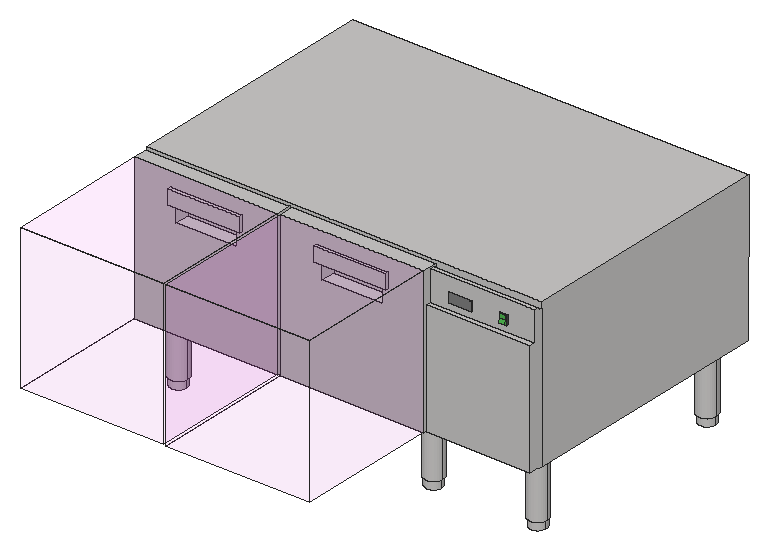
Revit family "QF_ELECTROLUXPROFESSIONAL_391602_E9TTAECOMIN", category Specialty Equipment, Revit 2023 (continued)
Lines and regions (mm)
  Split face 156
    outline origin (721.397, -448, 504.794) x (0, 0, -1) y (1, 0, 0)
      loop
        arc (52.48, -282.599) -> (56.5, -278.61) -> (52.5, -274.599) r 4
        line (52.5, -274.599) -> (20.5, -274.599)
        arc (20.5, -274.599) -> (16.5, -278.61) -> (20.521, -282.599) r 4
        line (20.521, -282.599) -> (52.48, -282.599)
  Split face 157
    outline origin (733.396, -448, 504.794) x (0, 0, -1) y (1, 0, 0)
      loop
        arc (52.48, -282.599) -> (56.5, -278.61) -> (52.5, -274.599) r 4
        line (52.5, -274.599) -> (20.5, -274.599)
        arc (20.5, -274.599) -> (16.5, -278.61) -> (20.521, -282.599) r 4
        line (20.521, -282.599) -> (52.48, -282.599)
  Split face 158
    outline origin (709.396, -448, 459.794) x (0, 0, -1) y (1, 0, 0)
      loop
        arc (52.48, -282.599) -> (56.5, -278.61) -> (52.5, -274.599) r 4
        line (52.5, -274.599) -> (20.5, -274.599)
        arc (20.5, -274.599) -> (16.5, -278.61) -> (20.521, -282.599) r 4
        line (20.521, -282.599) -> (52.48, -282.599)
  Split face 159
    outline origin (721.397, -448, 459.794) x (0, 0, -1) y (1, 0, 0)
      loop
        arc (52.48, -282.599) -> (56.5, -278.61) -> (52.5, -274.599) r 4
        line (52.5, -274.599) -> (20.5, -274.599)
        arc (20.5, -274.599) -> (16.5, -278.61) -> (20.521, -282.599) r 4
        line (20.521, -282.599) -> (52.48, -282.599)
  Split face 160
    outline origin (733.396, -448, 459.794) x (0, 0, -1) y (1, 0, 0)
      loop
        arc (52.48, -282.599) -> (56.5, -278.61) -> (52.5, -274.599) r 4
        line (52.5, -274.599) -> (20.5, -274.599)
        arc (20.5, -274.599) -> (16.5, -278.61) -> (20.521, -282.599) r 4
        line (20.521, -282.599) -> (52.48, -282.599)
  Split face 161
    outline origin (709.396, -448, 414.794) x (0, 0, -1) y (1, 0, 0)
      loop
        arc (52.48, -282.599) -> (56.5, -278.61) -> (52.5, -274.599) r 4
        line (52.5, -274.599) -> (20.5, -274.599)
        arc (20.5, -274.599) -> (16.5, -278.61) -> (20.521, -282.599) r 4
        line (20.521, -282.599) -> (52.48, -282.599)
  Split face 162
    outline origin (721.397, -448, 414.794) x (0, 0, -1) y (1, 0, 0)
      loop
        arc (52.48, -282.599) -> (56.5, -278.61) -> (52.5, -274.599) r 4
        line (52.5, -274.599) -> (20.5, -274.599)
        arc (20.5, -274.599) -> (16.5, -278.61) -> (20.521, -282.599) r 4
        line (20.521, -282.599) -> (52.48, -282.599)
  Split face 163
    outline origin (733.396, -448, 414.794) x (0, 0, -1) y (1, 0, 0)
      loop
        arc (52.48, -282.599) -> (56.5, -278.61) -> (52.5, -274.599) r 4
        line (52.5, -274.599) -> (20.5, -274.599)
        arc (20.5, -274.599) -> (16.5, -278.61) -> (20.521, -282.599) r 4
        line (20.521, -282.599) -> (52.48, -282.599)
  Split face 164
    outline origin (709.396, -448, 369.794) x (0, 0, -1) y (1, 0, 0)
      loop
        arc (52.48, -282.599) -> (56.5, -278.61) -> (52.5, -274.599) r 4
        line (52.5, -274.599) -> (20.5, -274.599)
        arc (20.5, -274.599) -> (16.5, -278.61) -> (20.521, -282.599) r 4
        line (20.521, -282.599) -> (52.48, -282.599)
  Split face 165
    outline origin (721.397, -448, 369.794) x (0, 0, -1) y (1, 0, 0)
      loop
        arc (52.48, -282.599) -> (56.5, -278.61) -> (52.5, -274.599) r 4
        line (52.5, -274.599) -> (20.5, -274.599)
        arc (20.5, -274.599) -> (16.5, -278.61) -> (20.521, -282.599) r 4
        line (20.521, -282.599) -> (52.48, -282.599)
  Split face 166
    outline origin (733.396, -448, 369.794) x (0, 0, -1) y (1, 0, 0)
      loop
        arc (52.48, -282.599) -> (56.5, -278.61) -> (52.5, -274.599) r 4
        line (52.5, -274.599) -> (20.5, -274.599)
        arc (20.5, -274.599) -> (16.5, -278.61) -> (20.521, -282.599) r 4
        line (20.521, -282.599) -> (52.48, -282.599)
  Split face 167
    outline origin (709.396, -448, 324.794) x (0, 0, -1) y (1, 0, 0)
      loop
        arc (52.48, -282.599) -> (56.5, -278.61) -> (52.5, -274.599) r 4
        line (52.5, -274.599) -> (20.5, -274.599)
        arc (20.5, -274.599) -> (16.5, -278.61) -> (20.521, -282.599) r 4
        line (20.521, -282.599) -> (52.48, -282.599)
  Split face 168
    outline origin (721.397, -448, 324.794) x (0, 0, -1) y (1, 0, 0)
      loop
        arc (52.48, -282.599) -> (56.5, -278.61) -> (52.5, -274.599) r 4
        line (52.5, -274.599) -> (20.5, -274.599)
        arc (20.5, -274.599) -> (16.5, -278.61) -> (20.521, -282.599) r 4
        line (20.521, -282.599) -> (52.48, -282.599)
  Split face 169
    outline origin (733.396, -448, 324.794) x (0, 0, -1) y (1, 0, 0)
      loop
        arc (52.48, -282.599) -> (56.5, -278.61) -> (52.5, -274.599) r 4
        line (52.5, -274.599) -> (20.5, -274.599)
        arc (20.5, -274.599) -> (16.5, -278.61) -> (20.521, -282.599) r 4
        line (20.521, -282.599) -> (52.48, -282.599)
  Split face 170
    outline origin (709.396, -448, 279.794) x (0, 0, -1) y (1, 0, 0)
      loop
        arc (52.48, -282.599) -> (56.5, -278.61) -> (52.5, -274.599) r 4
        line (52.5, -274.599) -> (20.5, -274.599)
        arc (20.5, -274.599) -> (16.5, -278.61) -> (20.521, -282.599) r 4
        line (20.521, -282.599) -> (52.48, -282.599)
  Split face 171
    outline origin (721.397, -448, 279.794) x (0, 0, -1) y (1, 0, 0)
      loop
        arc (52.48, -282.599) -> (56.5, -278.61) -> (52.5, -274.599) r 4
        line (52.5, -274.599) -> (20.5, -274.599)
        arc (20.5, -274.599) -> (16.5, -278.61) -> (20.521, -282.599) r 4
        line (20.521, -282.599) -> (52.48, -282.599)
  Split face 172
    outline origin (733.396, -448, 279.794) x (0, 0, -1) y (1, 0, 0)
      loop
        arc (52.48, -282.599) -> (56.5, -278.61) -> (52.5, -274.599) r 4
        line (52.5, -274.599) -> (20.5, -274.599)
        arc (20.5, -274.599) -> (16.5, -278.61) -> (20.521, -282.599) r 4
        line (20.521, -282.599) -> (52.48, -282.599)
  symbolic lines, style "SpecialityEquipmentHiddenLines"
    curve 1: line (-599, 380, 0) -> (599, 380, 0)
    curve 2: line (-599, -448, 0) -> (-599, 380, 0)
    curve 3: line (599, -448, 0) -> (-599, -448, 0)
    curve 4: line (599, 380, 0) -> (599, -448, 0)
    curve 17: line (-599, -403, 0) -> (599, -403, 0)
  symbolic lines, style "QF_Door-Drawer Clearances"
    curve 5: line (-579, -448, 0) -> (-579, -573, 0)
    curve 6: line (-184.999, -573, 0) -> (-184.999, -448, 0)
    curve 7: line (-136.499, -448, 0) -> (-136.499, -573, 0)
    curve 8: line (257.502, -573, 0) -> (257.502, -448, 0)
    curve 9: line (-599, -573, 0) -> (-164.999, -573, 0)
    curve 10: line (-156.499, -573, 0) -> (277.502, -573, 0)
    curve 11: line (-599, -613, 0) -> (-164.999, -613, 0)
    curve 12: line (-156.499, -613, 0) -> (277.502, -613, 0)
    curve 13: line (-164.999, -613, 0) -> (-164.999, -573, 0)
    curve 14: line (-156.499, -573, 0) -> (-156.499, -613, 0)
    curve 15: line (-599, -573, 0) -> (-599, -613, 0)
    curve 16: line (277.502, -613, 0) -> (277.502, -573, 0)
Dimensions and locks
  plane 4 to level = 200 mm
  plane 5 "TOP" to level = 650 mm
  plane 5 "TOP" to plane 4 = 450 mm
  equal spacing: plane 8 "LEFT", plane 3 "Centro (Sinistra/Destra)", plane 9 "RIGHT"
  plane 8 "LEFT" to plane 9 "RIGHT" = 1200 mm
  equal spacing: plane 6 "BACK", plane 1 "Center X", plane 7 "FRONT"
  plane 6 "BACK" to plane 7 "FRONT" = 900 mm
  plane 6 "BACK" to plane 10 = 853 mm
  locked: plane 10 to plane 11 at 45
  locked: plane 8 "LEFT" to plane 12 at 55
  locked: plane 13 to plane 9 "RIGHT" at 55
  locked: plane 12 to plane 14 at 774
  locked: plane 22 to plane 15 at 88
  locked: plane 16 to plane 11 at 98
  locked: plane 19 to plane 9 "RIGHT" at 1
  locked: plane 8 "LEFT" to plane 18 at 1
  plane 19 to plane 17 = 313 mm
  locked: plane 6 "BACK" to plane 20 at 160
  plane 21 to plane 9 "RIGHT" = 40 mm
  locked: plane 6 "BACK" to plane 22 at 70
  locked: plane 11 to plane 7 "FRONT" at 2
  plane 15 to plane 22 = 88 mm
  plane 11 to plane 16 = 98 mm
  plane 12 to plane 8 "LEFT" = 55 mm
  plane 14 to plane 12 = 774 mm
  aligned and locked: level to plane 2
  aligned and locked: plane 12 to nested 1
  aligned and locked: nested 1 to plane 16
  aligned and locked: nested 2 to plane 15
  aligned and locked: plane 14 to nested 3
  aligned and locked: nested 4 to plane 14
  aligned and locked: plane 13 to nested 5
  aligned and locked: nested 6 to plane 13
  aligned and locked: plane 10 to Extrusion 1 sketch curve
  aligned and locked: Extrusion 2 to plane 11
  aligned and locked: Extrusion 10 to plane 11
  aligned and locked: plane 4 to Extrusion 12
  aligned and locked: plane 22 to Extrusion 1
  aligned and locked: plane 15 to nested 6
  aligned and locked: plane 15 to nested 4
  aligned and locked: plane 16 to nested 5
  aligned and locked: plane 16 to nested 3
Automatic sketch dimensions
  Extrusion 2 sketch curve to plane 18 = 0 mm
  plane 12 to Extrusion 2 sketch curve = 69.7 mm
  Extrusion 2 sketch curve to Extrusion 2 sketch curve = 186.601 mm
  Extrusion 2 sketch curve to plane 5 "TOP" = 9.006 mm
  Extrusion 2 sketch curve to Extrusion 2 sketch curve = 123.7 mm
  Extrusion 2 sketch curve to plane 5 "TOP" = 65 mm
  Extrusion 2 sketch curve to Extrusion 2 sketch curve = 78.294 mm
  plane 4 to Extrusion 2 sketch curve = 1.587 mm
  Extrusion 2 to Extrusion 3 sketch curve = 0 mm
  Extrusion 3 sketch curve to Extrusion 2 = 0 mm  (x3)
  Extrusion 4 sketch curve to plane 4 = 0 mm
  Extrusion 4 sketch curve to plane 10 = 0 mm
  Extrusion 4 sketch curve to plane 10 = 5.442 mm
  plane 4 to Extrusion 4 sketch curve = 4.796 mm
  Extrusion 4 sketch curve to Extrusion 4 sketch curve = 9.721 mm
  Extrusion 4 sketch curve to plane 10 = 16.763 mm
  Extrusion 4 sketch curve to Extrusion 4 sketch curve = 11.336 mm
  plane 11 to Extrusion 4 sketch curve = 0 mm
  Extrusion 4 sketch curve to plane 5 "TOP" = 100.204 mm
  Extrusion 4 sketch curve to plane 5 "TOP" = 20.473 mm
  Extrusion 4 sketch curve to plane 5 "TOP" = 9.006 mm
  Extrusion 4 to Extrusion 5 sketch curve = 42.198 mm
  Extrusion 5 sketch curve to Extrusion 4 = 20 mm
  Extrusion 4 to Extrusion 5 sketch curve = 102.899 mm
  Extrusion 5 sketch curve to Extrusion 5 sketch curve = 22 mm
  Extrusion 4 to Extrusion 6 sketch curve = 42.198 mm
  Extrusion 6 sketch curve to Extrusion 4 = 20 mm
  Extrusion 4 to Extrusion 6 sketch curve = 54.901 mm
  Extrusion 6 sketch curve to Extrusion 6 sketch curve = 70 mm
  Split face 1 sketch curve to Extrusion 6 = 5 mm
  Split face 1 sketch curve to Extrusion 6 = 9 mm
  Split face 1 sketch curve to Extrusion 6 = 10 mm  (x2)
  Split face 2 sketch curve to Extrusion 6 = 12.5 mm
  Split face 2 sketch curve to Extrusion 6 = 7 mm
  Split face 3 sketch curve to Extrusion 6 = 7.5 mm
  Split face 3 sketch curve to Extrusion 6 = 7 mm
  Split face 4 sketch curve to Extrusion 6 = 11.5 mm
  Split face 4 sketch curve to Extrusion 6 = 7 mm
  Split face 5 sketch curve to Extrusion 6 = 7.5 mm
  Split face 5 sketch curve to Extrusion 6 = 7 mm
  Split face 6 sketch curve to Extrusion 6 = 12.5 mm
  Split face 6 sketch curve to Extrusion 6 = 7 mm
  Split face 7 sketch curve to Extrusion 6 = 11.5 mm
  Split face 7 sketch curve to Extrusion 6 = 7 mm
  Split face 8 sketch curve to Extrusion 6 = 7.047 mm
  Split face 8 sketch curve to Extrusion 6 = 2.047 mm
  Split face 8 sketch curve to Extrusion 6 = 10 mm
  Split face 8 sketch curve to Split face 8 sketch curve = 11 mm
  Split face 9 sketch curve to Extrusion 6 = 7.047 mm
  Split face 9 sketch curve to Extrusion 6 = 2.047 mm
  Split face 9 sketch curve to Extrusion 6 = 23 mm
  Split face 9 sketch curve to Split face 9 sketch curve = 11 mm
  Split face 10 sketch curve to Extrusion 6 = 7.047 mm
  Split face 10 sketch curve to Extrusion 6 = 2.047 mm
  Split face 10 sketch curve to Extrusion 6 = 34 mm
  Split face 10 sketch curve to Split face 10 sketch curve = 11 mm
  Split face 11 sketch curve to Extrusion 6 = 7.047 mm
  Split face 11 sketch curve to Extrusion 6 = 2.047 mm
  Split face 11 sketch curve to Extrusion 6 = 21 mm
  Split face 11 sketch curve to Extrusion 6 = 10 mm
  Extrusion 7 sketch curve to Extrusion 7 sketch curve = 0 mm  (x3)
  Extrusion 7 sketch curve to Extrusion 5 = 0 mm
  Extrusion 5 to Extrusion 7 sketch curve = 2.279 mm
  Extrusion 7 sketch curve to Extrusion 7 sketch curve = 0.116 mm
  Extrusion 7 sketch curve to Extrusion 7 sketch curve = 12.105 mm
  Extrusion 5 to Extrusion 7 sketch curve = 3.692 mm
  Extrusion 5 to Extrusion 7 sketch curve = 2.395 mm
  Split face 12 sketch curve to Extrusion 4 = 20.5 mm
  Split face 12 sketch curve to Split face 12 sketch curve = 0.02 mm  (x2)
  Split face 12 sketch curve to Split face 12 sketch curve = 31.959 mm
  Split face 12 sketch curve to Extrusion 4 = 32.901 mm
  Split face 12 sketch curve to Split face 12 sketch curve = 4 mm
  Split face 13 sketch curve to Extrusion 4 = 20.5 mm
  Split face 13 sketch curve to Split face 13 sketch curve = 0.02 mm  (x2)
  Split face 13 sketch curve to Split face 13 sketch curve = 31.959 mm
  Split face 13 sketch curve to Extrusion 4 = 44.9 mm
  Split face 13 sketch curve to Split face 13 sketch curve = 4 mm
  Split face 14 sketch curve to Extrusion 4 = 20.5 mm
  Split face 14 sketch curve to Split face 14 sketch curve = 0.02 mm  (x2)
  Split face 14 sketch curve to Split face 14 sketch curve = 31.959 mm
  Split face 14 sketch curve to Extrusion 4 = 56.9 mm
  Split face 14 sketch curve to Split face 14 sketch curve = 4 mm
  Split face 15 sketch curve to Extrusion 4 = 20.5 mm
  Split face 15 sketch curve to Split face 15 sketch curve = 0.02 mm  (x2)
  Split face 15 sketch curve to Split face 15 sketch curve = 31.959 mm
  Split face 15 sketch curve to Extrusion 4 = 68.797 mm
  Split face 15 sketch curve to Split face 15 sketch curve = 4 mm
  Split face 16 sketch curve to Extrusion 4 = 20.5 mm
  Split face 16 sketch curve to Split face 16 sketch curve = 0.02 mm  (x2)
  Split face 16 sketch curve to Split face 16 sketch curve = 31.959 mm
  Split face 16 sketch curve to Extrusion 4 = 80.797 mm
  Split face 16 sketch curve to Split face 16 sketch curve = 4 mm
  Split face 17 sketch curve to Extrusion 4 = 20.5 mm
  Split face 17 sketch curve to Split face 17 sketch curve = 0.02 mm  (x2)
  Split face 17 sketch curve to Split face 17 sketch curve = 31.959 mm
  Split face 17 sketch curve to Extrusion 4 = 92.797 mm
  Split face 17 sketch curve to Split face 17 sketch curve = 4 mm
  Split face 18 sketch curve to Extrusion 4 = 20.5 mm
  Split face 18 sketch curve to Split face 18 sketch curve = 0.02 mm  (x2)
  Split face 18 sketch curve to Split face 18 sketch curve = 31.959 mm
  Split face 18 sketch curve to Extrusion 4 = 104.797 mm
  Split face 18 sketch curve to Split face 18 sketch curve = 4 mm
  Split face 19 sketch curve to Extrusion 4 = 20.5 mm
  Split face 19 sketch curve to Split face 19 sketch curve = 0.02 mm  (x2)
  Split face 19 sketch curve to Split face 19 sketch curve = 31.959 mm
  Split face 19 sketch curve to Extrusion 4 = 116.797 mm
  Split face 19 sketch curve to Split face 19 sketch curve = 4 mm
  Split face 20 sketch curve to Extrusion 4 = 20.5 mm
  Split face 20 sketch curve to Split face 20 sketch curve = 0.02 mm  (x2)
  Split face 20 sketch curve to Split face 20 sketch curve = 31.959 mm
  Split face 20 sketch curve to Extrusion 4 = 128.797 mm
  Split face 20 sketch curve to Split face 20 sketch curve = 4 mm
  Split face 21 sketch curve to Extrusion 4 = 20.5 mm
  Split face 21 sketch curve to Split face 21 sketch curve = 0.02 mm  (x2)
  Split face 21 sketch curve to Split face 21 sketch curve = 31.959 mm
  Split face 21 sketch curve to Extrusion 4 = 137.003 mm
  Split face 21 sketch curve to Split face 21 sketch curve = 4 mm
  Split face 22 sketch curve to Extrusion 4 = 20.5 mm
  Split face 22 sketch curve to Split face 22 sketch curve = 0.02 mm  (x2)
  Split face 22 sketch curve to Split face 22 sketch curve = 31.959 mm
  Split face 22 sketch curve to Extrusion 4 = 125.004 mm
  Split face 22 sketch curve to Split face 22 sketch curve = 4 mm
  Split face 23 sketch curve to Extrusion 4 = 20.5 mm
  Split face 23 sketch curve to Split face 23 sketch curve = 0.02 mm  (x2)
  Split face 23 sketch curve to Split face 23 sketch curve = 31.959 mm
  Split face 23 sketch curve to Extrusion 4 = 113.003 mm
  Split face 23 sketch curve to Split face 23 sketch curve = 4 mm
  Split face 24 sketch curve to Extrusion 4 = 20.5 mm
  Split face 24 sketch curve to Split face 24 sketch curve = 0.02 mm  (x2)
  Split face 24 sketch curve to Split face 24 sketch curve = 31.959 mm
  Split face 24 sketch curve to Extrusion 4 = 101.003 mm
  Split face 24 sketch curve to Split face 24 sketch curve = 4 mm
  Split face 25 sketch curve to Extrusion 4 = 20.5 mm
  Split face 25 sketch curve to Split face 25 sketch curve = 0.02 mm  (x2)
  Split face 25 sketch curve to Split face 25 sketch curve = 31.959 mm
  Split face 25 sketch curve to Extrusion 4 = 89.003 mm
  Split face 25 sketch curve to Split face 25 sketch curve = 4 mm
  Split face 26 sketch curve to Extrusion 4 = 20.5 mm
  Split face 26 sketch curve to Split face 26 sketch curve = 0.02 mm  (x2)
  Split face 26 sketch curve to Split face 26 sketch curve = 31.959 mm
  Split face 26 sketch curve to Extrusion 4 = 77.004 mm
  Split face 26 sketch curve to Split face 26 sketch curve = 4 mm
  Split face 27 sketch curve to Extrusion 4 = 20.5 mm
  Split face 27 sketch curve to Split face 27 sketch curve = 0.02 mm  (x2)
  Split face 27 sketch curve to Split face 27 sketch curve = 31.959 mm
  Split face 27 sketch curve to Extrusion 4 = 65.003 mm
  Split face 27 sketch curve to Split face 27 sketch curve = 4 mm
  Split face 28 sketch curve to Extrusion 4 = 20.5 mm
  Split face 28 sketch curve to Split face 28 sketch curve = 0.02 mm  (x2)
  Split face 28 sketch curve to Split face 28 sketch curve = 31.959 mm
  Split face 28 sketch curve to Extrusion 4 = 53.004 mm
  Split face 28 sketch curve to Split face 28 sketch curve = 4 mm
  Split face 29 sketch curve to Extrusion 4 = 20.5 mm
  Split face 29 sketch curve to Split face 29 sketch curve = 0.02 mm  (x2)
  Split face 29 sketch curve to Split face 29 sketch curve = 31.959 mm
  Split face 29 sketch curve to Extrusion 4 = 41.004 mm
  Split face 29 sketch curve to Split face 29 sketch curve = 4 mm
  Split face 30 sketch curve to Extrusion 4 = 20.5 mm
  Split face 30 sketch curve to Split face 30 sketch curve = 0.02 mm  (x2)
  Split face 30 sketch curve to Split face 30 sketch curve = 31.959 mm
  Split face 30 sketch curve to Extrusion 4 = 29.004 mm
  Split face 30 sketch curve to Split face 30 sketch curve = 4 mm
  Split face 31 sketch curve to Extrusion 4 = 20.5 mm
  Split face 31 sketch curve to Split face 31 sketch curve = 0.02 mm  (x2)
  Split face 31 sketch curve to Split face 31 sketch curve = 31.959 mm
  Split face 31 sketch curve to Extrusion 4 = 20.901 mm
  Split face 31 sketch curve to Split face 31 sketch curve = 4 mm
  Split face 32 sketch curve to Extrusion 4 = 65.502 mm
  Split face 32 sketch curve to Split face 32 sketch curve = 0.02 mm  (x2)
  Split face 32 sketch curve to Split face 32 sketch curve = 31.959 mm
  Split face 32 sketch curve to Extrusion 4 = 32.901 mm
  Split face 32 sketch curve to Split face 32 sketch curve = 4 mm
  Split face 33 sketch curve to Extrusion 4 = 65.502 mm
  Split face 33 sketch curve to Split face 33 sketch curve = 0.02 mm  (x2)
  Split face 33 sketch curve to Split face 33 sketch curve = 31.959 mm
  Split face 33 sketch curve to Extrusion 4 = 44.9 mm
  Split face 33 sketch curve to Split face 33 sketch curve = 4 mm
  Split face 34 sketch curve to Extrusion 4 = 65.502 mm
  Split face 34 sketch curve to Split face 34 sketch curve = 0.02 mm  (x2)
  Split face 34 sketch curve to Split face 34 sketch curve = 31.959 mm
  Split face 34 sketch curve to Extrusion 4 = 56.9 mm
  Split face 34 sketch curve to Split face 34 sketch curve = 4 mm
  Split face 35 sketch curve to Extrusion 4 = 65.502 mm
  Split face 35 sketch curve to Split face 35 sketch curve = 0.02 mm  (x2)
  Split face 35 sketch curve to Split face 35 sketch curve = 31.959 mm
  Split face 35 sketch curve to Extrusion 4 = 68.797 mm
  Split face 35 sketch curve to Split face 35 sketch curve = 4 mm
  Split face 36 sketch curve to Extrusion 4 = 65.502 mm
  Split face 36 sketch curve to Split face 36 sketch curve = 0.02 mm  (x2)
  Split face 36 sketch curve to Split face 36 sketch curve = 31.959 mm
  Split face 36 sketch curve to Extrusion 4 = 80.797 mm
  Split face 36 sketch curve to Split face 36 sketch curve = 4 mm
  Split face 37 sketch curve to Extrusion 4 = 65.502 mm
  Split face 37 sketch curve to Split face 37 sketch curve = 0.02 mm  (x2)
  Split face 37 sketch curve to Split face 37 sketch curve = 31.959 mm
  Split face 37 sketch curve to Extrusion 4 = 92.797 mm
  Split face 37 sketch curve to Split face 37 sketch curve = 4 mm
  Split face 38 sketch curve to Extrusion 4 = 65.502 mm
  Split face 38 sketch curve to Split face 38 sketch curve = 0.02 mm  (x2)
  Split face 38 sketch curve to Split face 38 sketch curve = 31.959 mm
  Split face 38 sketch curve to Extrusion 4 = 104.797 mm
  Split face 38 sketch curve to Split face 38 sketch curve = 4 mm
  Split face 39 sketch curve to Extrusion 4 = 65.502 mm
  Split face 39 sketch curve to Split face 39 sketch curve = 0.02 mm  (x2)
  Split face 39 sketch curve to Split face 39 sketch curve = 31.959 mm
  Split face 39 sketch curve to Extrusion 4 = 116.797 mm
  Split face 39 sketch curve to Split face 39 sketch curve = 4 mm
  Split face 40 sketch curve to Extrusion 4 = 65.502 mm
  Split face 40 sketch curve to Split face 40 sketch curve = 0.02 mm  (x2)
  Split face 40 sketch curve to Split face 40 sketch curve = 31.959 mm
  Split face 40 sketch curve to Extrusion 4 = 128.797 mm
  Split face 40 sketch curve to Split face 40 sketch curve = 4 mm
  Split face 41 sketch curve to Extrusion 4 = 65.502 mm
  Split face 41 sketch curve to Split face 41 sketch curve = 0.02 mm  (x2)
  Split face 41 sketch curve to Split face 41 sketch curve = 31.959 mm
  Split face 41 sketch curve to Extrusion 4 = 137.003 mm
  Split face 41 sketch curve to Split face 41 sketch curve = 4 mm
  Split face 42 sketch curve to Extrusion 4 = 65.502 mm
  Split face 42 sketch curve to Split face 42 sketch curve = 0.02 mm  (x2)
  Split face 42 sketch curve to Split face 42 sketch curve = 31.959 mm
  Split face 42 sketch curve to Extrusion 4 = 125.004 mm
  Split face 42 sketch curve to Split face 42 sketch curve = 4 mm
  Split face 43 sketch curve to Extrusion 4 = 65.502 mm
  Split face 43 sketch curve to Split face 43 sketch curve = 0.02 mm  (x2)
  Split face 43 sketch curve to Split face 43 sketch curve = 31.959 mm
  Split face 43 sketch curve to Extrusion 4 = 113.003 mm
  Split face 43 sketch curve to Split face 43 sketch curve = 4 mm
  Split face 44 sketch curve to Extrusion 4 = 65.502 mm
  Split face 44 sketch curve to Split face 44 sketch curve = 0.02 mm  (x2)
  Split face 44 sketch curve to Split face 44 sketch curve = 31.959 mm
  Split face 44 sketch curve to Extrusion 4 = 101.003 mm
  Split face 44 sketch curve to Split face 44 sketch curve = 4 mm
  Split face 45 sketch curve to Extrusion 4 = 65.502 mm
  Split face 45 sketch curve to Split face 45 sketch curve = 0.02 mm  (x2)
  Split face 45 sketch curve to Split face 45 sketch curve = 31.959 mm
  Split face 45 sketch curve to Extrusion 4 = 89.003 mm
  Split face 45 sketch curve to Split face 45 sketch curve = 4 mm
  Split face 46 sketch curve to Extrusion 4 = 65.502 mm
  Split face 46 sketch curve to Split face 46 sketch curve = 0.02 mm  (x2)
  Split face 46 sketch curve to Split face 46 sketch curve = 31.959 mm
  Split face 46 sketch curve to Extrusion 4 = 77.004 mm
  Split face 46 sketch curve to Split face 46 sketch curve = 4 mm
  Split face 47 sketch curve to Extrusion 4 = 65.502 mm
  Split face 47 sketch curve to Split face 47 sketch curve = 0.02 mm  (x2)
  Split face 47 sketch curve to Split face 47 sketch curve = 31.959 mm
  Split face 47 sketch curve to Extrusion 4 = 65.003 mm
  Split face 47 sketch curve to Split face 47 sketch curve = 4 mm
  Split face 48 sketch curve to Extrusion 4 = 65.502 mm
  Split face 48 sketch curve to Split face 48 sketch curve = 0.02 mm  (x2)
  Split face 48 sketch curve to Split face 48 sketch curve = 31.959 mm
  Split face 48 sketch curve to Extrusion 4 = 53.004 mm
  Split face 48 sketch curve to Split face 48 sketch curve = 4 mm
  Split face 49 sketch curve to Extrusion 4 = 65.502 mm
  Split face 49 sketch curve to Split face 49 sketch curve = 0.02 mm  (x2)
  Split face 49 sketch curve to Split face 49 sketch curve = 31.959 mm
  Split face 49 sketch curve to Extrusion 4 = 41.004 mm
  Split face 49 sketch curve to Split face 49 sketch curve = 4 mm
  Split face 50 sketch curve to Extrusion 4 = 25.004 mm
  Split face 50 sketch curve to Extrusion 4 = 65.502 mm
  Split face 50 sketch curve to Split face 50 sketch curve = 0.02 mm  (x2)
  Split face 50 sketch curve to Split face 50 sketch curve = 31.959 mm
  Split face 50 sketch curve to Split face 50 sketch curve = 4 mm
  Split face 51 sketch curve to Extrusion 4 = 24.901 mm
  Split face 51 sketch curve to Extrusion 4 = 65.502 mm
  Split face 51 sketch curve to Split face 51 sketch curve = 0.02 mm  (x2)
  Split face 51 sketch curve to Split face 51 sketch curve = 31.959 mm
  Split face 51 sketch curve to Split face 51 sketch curve = 4 mm
  Split face 52 sketch curve to Extrusion 4 = 36.901 mm
  Split face 52 sketch curve to Extrusion 4 = 110.502 mm
  Split face 52 sketch curve to Split face 52 sketch curve = 0.02 mm  (x2)
  Split face 52 sketch curve to Split face 52 sketch curve = 31.959 mm
  Split face 52 sketch curve to Split face 52 sketch curve = 4 mm
  Split face 53 sketch curve to Extrusion 4 = 48.9 mm
  Split face 53 sketch curve to Extrusion 4 = 110.502 mm
  Split face 53 sketch curve to Split face 53 sketch curve = 0.02 mm  (x2)
  Split face 53 sketch curve to Split face 53 sketch curve = 31.959 mm
  Split face 53 sketch curve to Split face 53 sketch curve = 4 mm
  Split face 54 sketch curve to Extrusion 4 = 110.502 mm
  Split face 54 sketch curve to Split face 54 sketch curve = 0.02 mm  (x2)
  Split face 54 sketch curve to Split face 54 sketch curve = 31.959 mm
  Split face 54 sketch curve to Extrusion 4 = 56.9 mm
  Split face 54 sketch curve to Split face 54 sketch curve = 4 mm
  Split face 55 sketch curve to Extrusion 4 = 110.502 mm
  Split face 55 sketch curve to Split face 55 sketch curve = 0.02 mm  (x2)
  Split face 55 sketch curve to Split face 55 sketch curve = 31.959 mm
  Split face 55 sketch curve to Extrusion 4 = 68.797 mm
  Split face 55 sketch curve to Split face 55 sketch curve = 4 mm
  Split face 56 sketch curve to Extrusion 4 = 110.502 mm
  Split face 56 sketch curve to Split face 56 sketch curve = 0.02 mm  (x2)
  Split face 56 sketch curve to Split face 56 sketch curve = 31.959 mm
  Split face 56 sketch curve to Extrusion 4 = 80.797 mm
  Split face 56 sketch curve to Split face 56 sketch curve = 4 mm
  Split face 57 sketch curve to Extrusion 4 = 110.502 mm
  Split face 57 sketch curve to Split face 57 sketch curve = 0.02 mm  (x2)
  Split face 57 sketch curve to Split face 57 sketch curve = 31.959 mm
  Split face 57 sketch curve to Extrusion 4 = 92.797 mm
  Split face 57 sketch curve to Split face 57 sketch curve = 4 mm
  Split face 58 sketch curve to Extrusion 4 = 110.502 mm
  Split face 58 sketch curve to Split face 58 sketch curve = 0.02 mm  (x2)
  Split face 58 sketch curve to Split face 58 sketch curve = 31.959 mm
  Split face 58 sketch curve to Extrusion 4 = 104.797 mm
  Split face 58 sketch curve to Split face 58 sketch curve = 4 mm
  Split face 59 sketch curve to Extrusion 4 = 110.502 mm
  Split face 59 sketch curve to Split face 59 sketch curve = 0.02 mm  (x2)
  Split face 59 sketch curve to Split face 59 sketch curve = 31.959 mm
  Split face 59 sketch curve to Extrusion 4 = 116.797 mm
  Split face 59 sketch curve to Split face 59 sketch curve = 4 mm
  Split face 60 sketch curve to Extrusion 4 = 110.502 mm
  Split face 60 sketch curve to Split face 60 sketch curve = 0.02 mm  (x2)
  Split face 60 sketch curve to Split face 60 sketch curve = 31.959 mm
  Split face 60 sketch curve to Extrusion 4 = 128.797 mm
  Split face 60 sketch curve to Split face 60 sketch curve = 4 mm
  Split face 61 sketch curve to Extrusion 4 = 110.502 mm
  Split face 61 sketch curve to Split face 61 sketch curve = 0.02 mm  (x2)
  Split face 61 sketch curve to Split face 61 sketch curve = 31.959 mm
  Split face 61 sketch curve to Extrusion 4 = 137.003 mm
  Split face 61 sketch curve to Split face 61 sketch curve = 4 mm
  Split face 62 sketch curve to Extrusion 4 = 110.502 mm
  Split face 62 sketch curve to Split face 62 sketch curve = 0.02 mm  (x2)
  Split face 62 sketch curve to Split face 62 sketch curve = 31.959 mm
  Split face 62 sketch curve to Extrusion 4 = 125.004 mm
  Split face 62 sketch curve to Split face 62 sketch curve = 4 mm
  Split face 63 sketch curve to Extrusion 4 = 110.502 mm
  Split face 63 sketch curve to Split face 63 sketch curve = 0.02 mm  (x2)
  Split face 63 sketch curve to Split face 63 sketch curve = 31.959 mm
  Split face 63 sketch curve to Extrusion 4 = 113.003 mm
  Split face 63 sketch curve to Split face 63 sketch curve = 4 mm
  Split face 64 sketch curve to Extrusion 4 = 110.502 mm
  Split face 64 sketch curve to Split face 64 sketch curve = 0.02 mm  (x2)
  Split face 64 sketch curve to Split face 64 sketch curve = 31.959 mm
  Split face 64 sketch curve to Extrusion 4 = 101.003 mm
  Split face 64 sketch curve to Split face 64 sketch curve = 4 mm
  Split face 65 sketch curve to Extrusion 4 = 110.502 mm
  Split face 65 sketch curve to Split face 65 sketch curve = 0.02 mm  (x2)
  Split face 65 sketch curve to Split face 65 sketch curve = 31.959 mm
  Split face 65 sketch curve to Extrusion 4 = 89.003 mm
  Split face 65 sketch curve to Split face 65 sketch curve = 4 mm
  Split face 66 sketch curve to Extrusion 4 = 110.502 mm
  Split face 66 sketch curve to Split face 66 sketch curve = 0.02 mm  (x2)
  Split face 66 sketch curve to Split face 66 sketch curve = 31.959 mm
  Split face 66 sketch curve to Extrusion 4 = 77.004 mm
  Split face 66 sketch curve to Split face 66 sketch curve = 4 mm
  Split face 67 sketch curve to Extrusion 4 = 110.502 mm
  Split face 67 sketch curve to Split face 67 sketch curve = 0.02 mm  (x2)
  Split face 67 sketch curve to Split face 67 sketch curve = 31.959 mm
  Split face 67 sketch curve to Extrusion 4 = 65.003 mm
  Split face 67 sketch curve to Split face 67 sketch curve = 4 mm
  Split face 68 sketch curve to Extrusion 4 = 49.004 mm
  Split face 68 sketch curve to Extrusion 4 = 110.502 mm
  Split face 68 sketch curve to Split face 68 sketch curve = 0.02 mm  (x2)
  Split face 68 sketch curve to Split face 68 sketch curve = 31.959 mm
  Split face 68 sketch curve to Split face 68 sketch curve = 4 mm
  Split face 69 sketch curve to Extrusion 4 = 37.004 mm
  Split face 69 sketch curve to Extrusion 4 = 110.502 mm
  Split face 69 sketch curve to Split face 69 sketch curve = 0.02 mm  (x2)
  Split face 69 sketch curve to Split face 69 sketch curve = 31.959 mm
  Split face 69 sketch curve to Split face 69 sketch curve = 4 mm
  Split face 70 sketch curve to Extrusion 4 = 25.004 mm
  Split face 70 sketch curve to Extrusion 4 = 110.502 mm
  Split face 70 sketch curve to Split face 70 sketch curve = 0.02 mm  (x2)
  Split face 70 sketch curve to Split face 70 sketch curve = 31.959 mm
  Split face 70 sketch curve to Split face 70 sketch curve = 4 mm
  Split face 71 sketch curve to Extrusion 4 = 24.901 mm
  Split face 71 sketch curve to Extrusion 4 = 110.502 mm
  Split face 71 sketch curve to Split face 71 sketch curve = 0.02 mm  (x2)
  Split face 71 sketch curve to Split face 71 sketch curve = 31.959 mm
  Split face 71 sketch curve to Split face 71 sketch curve = 4 mm
  Split face 72 sketch curve to Extrusion 4 = 36.901 mm
  Split face 72 sketch curve to Extrusion 4 = 155.502 mm
  Split face 72 sketch curve to Split face 72 sketch curve = 0.02 mm  (x2)
  Split face 72 sketch curve to Split face 72 sketch curve = 31.959 mm
  Split face 72 sketch curve to Split face 72 sketch curve = 4 mm
  Split face 73 sketch curve to Extrusion 4 = 48.9 mm
  Split face 73 sketch curve to Extrusion 4 = 155.502 mm
  Split face 73 sketch curve to Split face 73 sketch curve = 0.02 mm  (x2)
  Split face 73 sketch curve to Split face 73 sketch curve = 31.959 mm
  Split face 73 sketch curve to Split face 73 sketch curve = 4 mm
  Split face 74 sketch curve to Extrusion 4 = 60.9 mm
  Split face 74 sketch curve to Extrusion 4 = 155.502 mm
  Split face 74 sketch curve to Split face 74 sketch curve = 0.02 mm  (x2)
  Split face 74 sketch curve to Split face 74 sketch curve = 31.959 mm
  Split face 74 sketch curve to Split face 74 sketch curve = 4 mm
  Split face 75 sketch curve to Extrusion 4 = 72.797 mm
  Split face 75 sketch curve to Extrusion 4 = 155.502 mm
  Split face 75 sketch curve to Split face 75 sketch curve = 0.02 mm  (x2)
  Split face 75 sketch curve to Split face 75 sketch curve = 31.959 mm
  Split face 75 sketch curve to Split face 75 sketch curve = 4 mm
  Split face 76 sketch curve to Extrusion 4 = 155.502 mm
  Split face 76 sketch curve to Split face 76 sketch curve = 0.02 mm  (x2)
  Split face 76 sketch curve to Split face 76 sketch curve = 31.959 mm
  Split face 76 sketch curve to Extrusion 4 = 80.797 mm
  Split face 76 sketch curve to Split face 76 sketch curve = 4 mm
  Split face 77 sketch curve to Extrusion 4 = 155.502 mm
  Split face 77 sketch curve to Split face 77 sketch curve = 0.02 mm  (x2)
  Split face 77 sketch curve to Split face 77 sketch curve = 31.959 mm
  Split face 77 sketch curve to Extrusion 4 = 92.797 mm
  Split face 77 sketch curve to Split face 77 sketch curve = 4 mm
  Split face 78 sketch curve to Extrusion 4 = 155.502 mm
  Split face 78 sketch curve to Split face 78 sketch curve = 0.02 mm  (x2)
  Split face 78 sketch curve to Split face 78 sketch curve = 31.959 mm
  Split face 78 sketch curve to Extrusion 4 = 104.797 mm
  Split face 78 sketch curve to Split face 78 sketch curve = 4 mm
  Split face 79 sketch curve to Extrusion 4 = 155.502 mm
  Split face 79 sketch curve to Split face 79 sketch curve = 0.02 mm  (x2)
  Split face 79 sketch curve to Split face 79 sketch curve = 31.959 mm
  Split face 79 sketch curve to Extrusion 4 = 116.797 mm
  Split face 79 sketch curve to Split face 79 sketch curve = 4 mm
  Split face 80 sketch curve to Extrusion 4 = 155.502 mm
  Split face 80 sketch curve to Split face 80 sketch curve = 0.02 mm  (x2)
  Split face 80 sketch curve to Split face 80 sketch curve = 31.959 mm
  Split face 80 sketch curve to Extrusion 4 = 128.797 mm
  Split face 80 sketch curve to Split face 80 sketch curve = 4 mm
  Split face 81 sketch curve to Extrusion 4 = 155.502 mm
  Split face 81 sketch curve to Split face 81 sketch curve = 0.02 mm  (x2)
  Split face 81 sketch curve to Split face 81 sketch curve = 31.959 mm
  Split face 81 sketch curve to Extrusion 4 = 137.003 mm
  Split face 81 sketch curve to Split face 81 sketch curve = 4 mm
  Split face 82 sketch curve to Extrusion 4 = 155.502 mm
  Split face 82 sketch curve to Split face 82 sketch curve = 0.02 mm  (x2)
  Split face 82 sketch curve to Split face 82 sketch curve = 31.959 mm
  Split face 82 sketch curve to Extrusion 4 = 125.004 mm
  Split face 82 sketch curve to Split face 82 sketch curve = 4 mm
  Split face 83 sketch curve to Extrusion 4 = 155.502 mm
  Split face 83 sketch curve to Split face 83 sketch curve = 0.02 mm  (x2)
  Split face 83 sketch curve to Split face 83 sketch curve = 31.959 mm
  Split face 83 sketch curve to Extrusion 4 = 113.003 mm
  Split face 83 sketch curve to Split face 83 sketch curve = 4 mm
  Split face 84 sketch curve to Extrusion 4 = 155.502 mm
  Split face 84 sketch curve to Split face 84 sketch curve = 0.02 mm  (x2)
  Split face 84 sketch curve to Split face 84 sketch curve = 31.959 mm
  Split face 84 sketch curve to Extrusion 4 = 101.003 mm
  Split face 84 sketch curve to Split face 84 sketch curve = 4 mm
  Split face 85 sketch curve to Extrusion 4 = 155.502 mm
  Split face 85 sketch curve to Split face 85 sketch curve = 0.02 mm  (x2)
  Split face 85 sketch curve to Split face 85 sketch curve = 31.959 mm
  Split face 85 sketch curve to Extrusion 4 = 89.003 mm
  Split face 85 sketch curve to Split face 85 sketch curve = 4 mm
  Split face 86 sketch curve to Extrusion 4 = 73.004 mm
  Split face 86 sketch curve to Extrusion 4 = 155.502 mm
  Split face 86 sketch curve to Split face 86 sketch curve = 0.02 mm  (x2)
  Split face 86 sketch curve to Split face 86 sketch curve = 31.959 mm
  Split face 86 sketch curve to Split face 86 sketch curve = 4 mm
  Split face 87 sketch curve to Extrusion 4 = 61.003 mm
  Split face 87 sketch curve to Extrusion 4 = 155.502 mm
  Split face 87 sketch curve to Split face 87 sketch curve = 0.02 mm  (x2)
  Split face 87 sketch curve to Split face 87 sketch curve = 31.959 mm
  Split face 87 sketch curve to Split face 87 sketch curve = 4 mm
  Split face 88 sketch curve to Extrusion 4 = 49.004 mm
  Split face 88 sketch curve to Extrusion 4 = 155.502 mm
  Split face 88 sketch curve to Split face 88 sketch curve = 0.02 mm  (x2)
  Split face 88 sketch curve to Split face 88 sketch curve = 31.959 mm
  Split face 88 sketch curve to Split face 88 sketch curve = 4 mm
  Split face 89 sketch curve to Extrusion 4 = 37.004 mm
  Split face 89 sketch curve to Extrusion 4 = 155.502 mm
  Split face 89 sketch curve to Split face 89 sketch curve = 0.02 mm  (x2)
  Split face 89 sketch curve to Split face 89 sketch curve = 31.959 mm
  Split face 89 sketch curve to Split face 89 sketch curve = 4 mm
  Split face 90 sketch curve to Extrusion 4 = 25.004 mm
  Split face 90 sketch curve to Extrusion 4 = 155.502 mm
  Split face 90 sketch curve to Split face 90 sketch curve = 0.02 mm  (x2)
  Split face 90 sketch curve to Split face 90 sketch curve = 31.959 mm
  Split face 90 sketch curve to Split face 90 sketch curve = 4 mm
  Split face 91 sketch curve to Extrusion 4 = 24.901 mm
  Split face 91 sketch curve to Extrusion 4 = 155.502 mm
  Split face 91 sketch curve to Split face 91 sketch curve = 0.02 mm  (x2)
  Split face 91 sketch curve to Split face 91 sketch curve = 31.959 mm
  Split face 91 sketch curve to Split face 91 sketch curve = 4 mm
  Split face 92 sketch curve to Extrusion 4 = 36.901 mm
  Split face 92 sketch curve to Extrusion 4 = 144.498 mm
  Split face 92 sketch curve to Split face 92 sketch curve = 0.02 mm  (x2)
  Split face 92 sketch curve to Split face 92 sketch curve = 31.959 mm
  Split face 92 sketch curve to Split face 92 sketch curve = 4 mm
  Split face 93 sketch curve to Extrusion 4 = 48.9 mm
  Split face 93 sketch curve to Extrusion 4 = 144.498 mm
  Split face 93 sketch curve to Split face 93 sketch curve = 0.02 mm  (x2)
  Split face 93 sketch curve to Split face 93 sketch curve = 31.959 mm
  Split face 93 sketch curve to Split face 93 sketch curve = 4 mm
  Split face 94 sketch curve to Extrusion 4 = 60.9 mm
  Split face 94 sketch curve to Extrusion 4 = 144.498 mm
  Split face 94 sketch curve to Split face 94 sketch curve = 0.02 mm  (x2)
  Split face 94 sketch curve to Split face 94 sketch curve = 31.959 mm
  Split face 94 sketch curve to Split face 94 sketch curve = 4 mm
  Split face 95 sketch curve to Extrusion 4 = 144.498 mm
  Split face 95 sketch curve to Split face 95 sketch curve = 0.02 mm  (x2)
  Split face 95 sketch curve to Split face 95 sketch curve = 31.959 mm
  Split face 95 sketch curve to Extrusion 4 = 68.797 mm
  Split face 95 sketch curve to Split face 95 sketch curve = 4 mm
  Split face 96 sketch curve to Extrusion 4 = 144.498 mm
  Split face 96 sketch curve to Split face 96 sketch curve = 0.02 mm  (x2)
  Split face 96 sketch curve to Split face 96 sketch curve = 31.959 mm
  Split face 96 sketch curve to Extrusion 4 = 80.797 mm
  Split face 96 sketch curve to Split face 96 sketch curve = 4 mm
  Split face 97 sketch curve to Extrusion 4 = 144.498 mm
  Split face 97 sketch curve to Split face 97 sketch curve = 0.02 mm  (x2)
  Split face 97 sketch curve to Split face 97 sketch curve = 31.959 mm
  Split face 97 sketch curve to Extrusion 4 = 92.797 mm
  Split face 97 sketch curve to Split face 97 sketch curve = 4 mm
  Split face 98 sketch curve to Extrusion 4 = 144.498 mm
  Split face 98 sketch curve to Split face 98 sketch curve = 0.02 mm  (x2)
  Split face 98 sketch curve to Split face 98 sketch curve = 31.959 mm
  Split face 98 sketch curve to Extrusion 4 = 104.797 mm
  Split face 98 sketch curve to Split face 98 sketch curve = 4 mm
  Split face 99 sketch curve to Extrusion 4 = 144.498 mm
  Split face 99 sketch curve to Split face 99 sketch curve = 0.02 mm  (x2)
  Split face 99 sketch curve to Split face 99 sketch curve = 31.959 mm
  Split face 99 sketch curve to Extrusion 4 = 116.797 mm
  Split face 99 sketch curve to Split face 99 sketch curve = 4 mm
  Split face 100 sketch curve to Extrusion 4 = 144.498 mm
  Split face 100 sketch curve to Split face 100 sketch curve = 0.02 mm  (x2)
  Split face 100 sketch curve to Split face 100 sketch curve = 31.959 mm
  Split face 100 sketch curve to Extrusion 4 = 128.797 mm
  Split face 100 sketch curve to Split face 100 sketch curve = 4 mm
  Split face 101 sketch curve to Extrusion 4 = 144.498 mm
  Split face 101 sketch curve to Split face 101 sketch curve = 0.02 mm  (x2)
  Split face 101 sketch curve to Split face 101 sketch curve = 31.959 mm
  Split face 101 sketch curve to Extrusion 4 = 137.003 mm
  Split face 101 sketch curve to Split face 101 sketch curve = 4 mm
  Split face 102 sketch curve to Extrusion 4 = 144.498 mm
  Split face 102 sketch curve to Split face 102 sketch curve = 0.02 mm  (x2)
  Split face 102 sketch curve to Split face 102 sketch curve = 31.959 mm
  Split face 102 sketch curve to Extrusion 4 = 125.004 mm
  Split face 102 sketch curve to Split face 102 sketch curve = 4 mm
  Split face 103 sketch curve to Extrusion 4 = 144.498 mm
  Split face 103 sketch curve to Split face 103 sketch curve = 0.02 mm  (x2)
  Split face 103 sketch curve to Split face 103 sketch curve = 31.959 mm
  Split face 103 sketch curve to Extrusion 4 = 113.003 mm
  Split face 103 sketch curve to Split face 103 sketch curve = 4 mm
  Split face 104 sketch curve to Extrusion 4 = 144.498 mm
  Split face 104 sketch curve to Split face 104 sketch curve = 0.02 mm  (x2)
  Split face 104 sketch curve to Split face 104 sketch curve = 31.959 mm
  Split face 104 sketch curve to Extrusion 4 = 101.003 mm
  Split face 104 sketch curve to Split face 104 sketch curve = 4 mm
  Split face 105 sketch curve to Extrusion 4 = 144.498 mm
  Split face 105 sketch curve to Split face 105 sketch curve = 0.02 mm  (x2)
  Split face 105 sketch curve to Split face 105 sketch curve = 31.959 mm
  Split face 105 sketch curve to Extrusion 4 = 89.003 mm
  Split face 105 sketch curve to Split face 105 sketch curve = 4 mm
  Split face 106 sketch curve to Extrusion 4 = 144.498 mm
  Split face 106 sketch curve to Split face 106 sketch curve = 0.02 mm  (x2)
  Split face 106 sketch curve to Split face 106 sketch curve = 31.959 mm
  Split face 106 sketch curve to Extrusion 4 = 77.004 mm
  Split face 106 sketch curve to Split face 106 sketch curve = 4 mm
  Split face 107 sketch curve to Extrusion 4 = 61.003 mm
  Split face 107 sketch curve to Extrusion 4 = 144.498 mm
  Split face 107 sketch curve to Split face 107 sketch curve = 0.02 mm  (x2)
  Split face 107 sketch curve to Split face 107 sketch curve = 31.959 mm
  Split face 107 sketch curve to Split face 107 sketch curve = 4 mm
  Split face 108 sketch curve to Extrusion 4 = 49.004 mm
  Split face 108 sketch curve to Extrusion 4 = 144.498 mm
  Split face 108 sketch curve to Split face 108 sketch curve = 0.02 mm  (x2)
  Split face 108 sketch curve to Split face 108 sketch curve = 31.959 mm
  Split face 108 sketch curve to Split face 108 sketch curve = 4 mm
  Split face 109 sketch curve to Extrusion 4 = 37.004 mm
  Split face 109 sketch curve to Extrusion 4 = 144.498 mm
  Split face 109 sketch curve to Split face 109 sketch curve = 0.02 mm  (x2)
  Split face 109 sketch curve to Split face 109 sketch curve = 31.959 mm
  Split face 109 sketch curve to Split face 109 sketch curve = 4 mm
  Split face 110 sketch curve to Extrusion 4 = 25.004 mm
  Split face 110 sketch curve to Extrusion 4 = 144.498 mm
  Split face 110 sketch curve to Split face 110 sketch curve = 0.02 mm  (x2)
  Split face 110 sketch curve to Split face 110 sketch curve = 31.959 mm
  Split face 110 sketch curve to Split face 110 sketch curve = 4 mm
  Split face 111 sketch curve to Extrusion 4 = 24.901 mm
  Split face 111 sketch curve to Extrusion 4 = 144.498 mm
  Split face 111 sketch curve to Split face 111 sketch curve = 0.02 mm  (x2)
  Split face 111 sketch curve to Split face 111 sketch curve = 31.959 mm
  Split face 111 sketch curve to Split face 111 sketch curve = 4 mm
  Split face 112 sketch curve to Extrusion 4 = 36.901 mm
  Split face 112 sketch curve to Extrusion 4 = 99.499 mm
  Split face 112 sketch curve to Split face 112 sketch curve = 0.02 mm  (x2)
  Split face 112 sketch curve to Split face 112 sketch curve = 31.959 mm
  Split face 112 sketch curve to Split face 112 sketch curve = 4 mm
  Split face 113 sketch curve to Extrusion 4 = 48.9 mm
  Split face 113 sketch curve to Extrusion 4 = 99.499 mm
  Split face 113 sketch curve to Split face 113 sketch curve = 0.02 mm  (x2)
  Split face 113 sketch curve to Split face 113 sketch curve = 31.959 mm
  Split face 113 sketch curve to Split face 113 sketch curve = 4 mm
  Split face 114 sketch curve to Extrusion 4 = 99.499 mm
  Split face 114 sketch curve to Split face 114 sketch curve = 0.02 mm  (x2)
  Split face 114 sketch curve to Split face 114 sketch curve = 31.959 mm
  Split face 114 sketch curve to Extrusion 4 = 56.9 mm
  Split face 114 sketch curve to Split face 114 sketch curve = 4 mm
  Split face 115 sketch curve to Extrusion 4 = 99.499 mm
  Split face 115 sketch curve to Split face 115 sketch curve = 0.02 mm  (x2)
  Split face 115 sketch curve to Split face 115 sketch curve = 31.959 mm
  Split face 115 sketch curve to Extrusion 4 = 68.797 mm
  Split face 115 sketch curve to Split face 115 sketch curve = 4 mm
  Split face 116 sketch curve to Extrusion 4 = 99.499 mm
  Split face 116 sketch curve to Split face 116 sketch curve = 0.02 mm  (x2)
  Split face 116 sketch curve to Split face 116 sketch curve = 31.959 mm
  Split face 116 sketch curve to Extrusion 4 = 80.797 mm
  Split face 116 sketch curve to Split face 116 sketch curve = 4 mm
  Split face 117 sketch curve to Extrusion 4 = 99.499 mm
  Split face 117 sketch curve to Split face 117 sketch curve = 0.02 mm  (x2)
  Split face 117 sketch curve to Split face 117 sketch curve = 31.959 mm
  Split face 117 sketch curve to Extrusion 4 = 92.797 mm
  Split face 117 sketch curve to Split face 117 sketch curve = 4 mm
  Split face 118 sketch curve to Extrusion 4 = 99.499 mm
  Split face 118 sketch curve to Split face 118 sketch curve = 0.02 mm  (x2)
  Split face 118 sketch curve to Split face 118 sketch curve = 31.959 mm
  Split face 118 sketch curve to Extrusion 4 = 104.797 mm
  Split face 118 sketch curve to Split face 118 sketch curve = 4 mm
  Split face 119 sketch curve to Extrusion 4 = 99.499 mm
  Split face 119 sketch curve to Split face 119 sketch curve = 0.02 mm  (x2)
  Split face 119 sketch curve to Split face 119 sketch curve = 31.959 mm
  Split face 119 sketch curve to Extrusion 4 = 116.797 mm
  Split face 119 sketch curve to Split face 119 sketch curve = 4 mm
  Split face 120 sketch curve to Extrusion 4 = 99.499 mm
  Split face 120 sketch curve to Split face 120 sketch curve = 0.02 mm  (x2)
  Split face 120 sketch curve to Split face 120 sketch curve = 31.959 mm
  Split face 120 sketch curve to Extrusion 4 = 128.797 mm
  Split face 120 sketch curve to Split face 120 sketch curve = 4 mm
  Split face 121 sketch curve to Extrusion 4 = 99.499 mm
  Split face 121 sketch curve to Split face 121 sketch curve = 0.02 mm  (x2)
  Split face 121 sketch curve to Split face 121 sketch curve = 31.959 mm
  Split face 121 sketch curve to Extrusion 4 = 137.003 mm
  Split face 121 sketch curve to Split face 121 sketch curve = 4 mm
  Split face 122 sketch curve to Extrusion 4 = 99.499 mm
  Split face 122 sketch curve to Split face 122 sketch curve = 0.02 mm  (x2)
  Split face 122 sketch curve to Split face 122 sketch curve = 31.959 mm
  Split face 122 sketch curve to Extrusion 4 = 125.004 mm
  Split face 122 sketch curve to Split face 122 sketch curve = 4 mm
  Split face 123 sketch curve to Extrusion 4 = 99.499 mm
  Split face 123 sketch curve to Split face 123 sketch curve = 0.02 mm  (x2)
  Split face 123 sketch curve to Split face 123 sketch curve = 31.959 mm
  Split face 123 sketch curve to Extrusion 4 = 113.003 mm
  Split face 123 sketch curve to Split face 123 sketch curve = 4 mm
  Split face 124 sketch curve to Extrusion 4 = 99.499 mm
  Split face 124 sketch curve to Split face 124 sketch curve = 0.02 mm  (x2)
  Split face 124 sketch curve to Split face 124 sketch curve = 31.959 mm
  Split face 124 sketch curve to Extrusion 4 = 101.003 mm
  Split face 124 sketch curve to Split face 124 sketch curve = 4 mm
  Split face 125 sketch curve to Extrusion 4 = 99.499 mm
  Split face 125 sketch curve to Split face 125 sketch curve = 0.02 mm  (x2)
  Split face 125 sketch curve to Split face 125 sketch curve = 31.959 mm
  Split face 125 sketch curve to Extrusion 4 = 89.003 mm
  Split face 125 sketch curve to Split face 125 sketch curve = 4 mm
  Split face 126 sketch curve to Extrusion 4 = 99.499 mm
  Split face 126 sketch curve to Split face 126 sketch curve = 0.02 mm  (x2)
  Split face 126 sketch curve to Split face 126 sketch curve = 31.959 mm
  Split face 126 sketch curve to Extrusion 4 = 77.004 mm
  Split face 126 sketch curve to Split face 126 sketch curve = 4 mm
  Split face 127 sketch curve to Extrusion 4 = 99.499 mm
  Split face 127 sketch curve to Split face 127 sketch curve = 0.02 mm  (x2)
  Split face 127 sketch curve to Split face 127 sketch curve = 31.959 mm
  Split face 127 sketch curve to Extrusion 4 = 65.003 mm
  Split face 127 sketch curve to Split face 127 sketch curve = 4 mm
  Split face 128 sketch curve to Extrusion 4 = 49.004 mm
  Split face 128 sketch curve to Extrusion 4 = 99.499 mm
  Split face 128 sketch curve to Split face 128 sketch curve = 0.02 mm  (x2)
  Split face 128 sketch curve to Split face 128 sketch curve = 31.959 mm
  Split face 128 sketch curve to Split face 128 sketch curve = 4 mm
  Split face 129 sketch curve to Extrusion 4 = 37.004 mm
  Split face 129 sketch curve to Extrusion 4 = 99.499 mm
  Split face 129 sketch curve to Split face 129 sketch curve = 0.02 mm  (x2)
  Split face 129 sketch curve to Split face 129 sketch curve = 31.959 mm
  Split face 129 sketch curve to Split face 129 sketch curve = 4 mm
  Split face 130 sketch curve to Extrusion 4 = 25.004 mm
  Split face 130 sketch curve to Extrusion 4 = 99.499 mm
  Split face 130 sketch curve to Split face 130 sketch curve = 0.02 mm  (x2)
  Split face 130 sketch curve to Split face 130 sketch curve = 31.959 mm
  Split face 130 sketch curve to Split face 130 sketch curve = 4 mm
  Split face 131 sketch curve to Extrusion 4 = 24.901 mm
  Split face 131 sketch curve to Extrusion 4 = 99.499 mm
  Split face 131 sketch curve to Split face 131 sketch curve = 0.02 mm  (x2)
  Split face 131 sketch curve to Split face 131 sketch curve = 31.959 mm
  Split face 131 sketch curve to Split face 131 sketch curve = 4 mm
  Split face 132 sketch curve to Extrusion 4 = 54.499 mm
  Split face 132 sketch curve to Split face 132 sketch curve = 0.02 mm  (x2)
  Split face 132 sketch curve to Extrusion 4 = 22.519 mm
  Split face 132 sketch curve to Extrusion 4 = 32.901 mm
  Split face 132 sketch curve to Split face 132 sketch curve = 4 mm
  Split face 133 sketch curve to Extrusion 4 = 54.499 mm
  Split face 133 sketch curve to Split face 133 sketch curve = 0.02 mm  (x2)
  Split face 133 sketch curve to Extrusion 4 = 22.519 mm
  Split face 133 sketch curve to Extrusion 4 = 44.9 mm
  Split face 133 sketch curve to Split face 133 sketch curve = 4 mm
  Split face 134 sketch curve to Extrusion 4 = 54.499 mm
  Split face 134 sketch curve to Split face 134 sketch curve = 0.02 mm  (x2)
  Split face 134 sketch curve to Extrusion 4 = 22.519 mm
  Split face 134 sketch curve to Extrusion 4 = 56.9 mm
  Split face 134 sketch curve to Split face 134 sketch curve = 4 mm
  Split face 135 sketch curve to Extrusion 4 = 54.499 mm
  Split face 135 sketch curve to Split face 135 sketch curve = 0.02 mm  (x2)
  Split face 135 sketch curve to Extrusion 4 = 22.519 mm
  Split face 135 sketch curve to Extrusion 4 = 68.797 mm
  Split face 135 sketch curve to Split face 135 sketch curve = 4 mm
  Split face 136 sketch curve to Extrusion 4 = 54.499 mm
  Split face 136 sketch curve to Split face 136 sketch curve = 0.02 mm  (x2)
  Split face 136 sketch curve to Extrusion 4 = 22.519 mm
  Split face 136 sketch curve to Extrusion 4 = 80.797 mm
  Split face 136 sketch curve to Split face 136 sketch curve = 4 mm
  Split face 137 sketch curve to Extrusion 4 = 54.499 mm
  Split face 137 sketch curve to Split face 137 sketch curve = 0.02 mm  (x2)
  Split face 137 sketch curve to Extrusion 4 = 22.519 mm
  Split face 137 sketch curve to Extrusion 4 = 92.797 mm
  Split face 137 sketch curve to Split face 137 sketch curve = 4 mm
  Split face 138 sketch curve to Extrusion 4 = 54.499 mm
  Split face 138 sketch curve to Split face 138 sketch curve = 0.02 mm  (x2)
  Split face 138 sketch curve to Extrusion 4 = 22.519 mm
  Split face 138 sketch curve to Extrusion 4 = 104.797 mm
  Split face 138 sketch curve to Split face 138 sketch curve = 4 mm
  Split face 139 sketch curve to Extrusion 4 = 54.499 mm
  Split face 139 sketch curve to Split face 139 sketch curve = 0.02 mm  (x2)
  Split face 139 sketch curve to Extrusion 4 = 22.519 mm
  Split face 139 sketch curve to Extrusion 4 = 116.797 mm
  Split face 139 sketch curve to Split face 139 sketch curve = 4 mm
  Split face 140 sketch curve to Extrusion 4 = 54.499 mm
  Split face 140 sketch curve to Split face 140 sketch curve = 0.02 mm  (x2)
  Split face 140 sketch curve to Extrusion 4 = 22.519 mm
  Split face 140 sketch curve to Extrusion 4 = 128.797 mm
  Split face 140 sketch curve to Split face 140 sketch curve = 4 mm
  Split face 141 sketch curve to Extrusion 4 = 54.499 mm
  Split face 141 sketch curve to Split face 141 sketch curve = 0.02 mm  (x2)
  Split face 141 sketch curve to Extrusion 4 = 22.519 mm
  Split face 141 sketch curve to Extrusion 4 = 137.003 mm
  Split face 141 sketch curve to Split face 141 sketch curve = 4 mm
  Split face 142 sketch curve to Extrusion 4 = 54.499 mm
  Split face 142 sketch curve to Split face 142 sketch curve = 0.02 mm  (x2)
  Split face 142 sketch curve to Extrusion 4 = 22.519 mm
  Split face 142 sketch curve to Extrusion 4 = 125.004 mm
  Split face 142 sketch curve to Split face 142 sketch curve = 4 mm
  Split face 143 sketch curve to Extrusion 4 = 54.499 mm
  Split face 143 sketch curve to Split face 143 sketch curve = 0.02 mm  (x2)
  Split face 143 sketch curve to Extrusion 4 = 22.519 mm
  Split face 143 sketch curve to Extrusion 4 = 113.003 mm
  Split face 143 sketch curve to Split face 143 sketch curve = 4 mm
  Split face 144 sketch curve to Extrusion 4 = 54.499 mm
  Split face 144 sketch curve to Split face 144 sketch curve = 0.02 mm  (x2)
  Split face 144 sketch curve to Extrusion 4 = 22.519 mm
  Split face 144 sketch curve to Extrusion 4 = 101.003 mm
  Split face 144 sketch curve to Split face 144 sketch curve = 4 mm
  Split face 145 sketch curve to Extrusion 4 = 54.499 mm
  Split face 145 sketch curve to Split face 145 sketch curve = 0.02 mm  (x2)
  Split face 145 sketch curve to Extrusion 4 = 22.519 mm
  Split face 145 sketch curve to Extrusion 4 = 89.003 mm
  Split face 145 sketch curve to Split face 145 sketch curve = 4 mm
  Split face 146 sketch curve to Extrusion 4 = 54.499 mm
  Split face 146 sketch curve to Split face 146 sketch curve = 0.02 mm  (x2)
  Split face 146 sketch curve to Extrusion 4 = 22.519 mm
  Split face 146 sketch curve to Extrusion 4 = 77.004 mm
  Split face 146 sketch curve to Split face 146 sketch curve = 4 mm
  Split face 147 sketch curve to Extrusion 4 = 54.499 mm
  Split face 147 sketch curve to Split face 147 sketch curve = 0.02 mm  (x2)
  Split face 147 sketch curve to Extrusion 4 = 22.519 mm
  Split face 147 sketch curve to Extrusion 4 = 65.003 mm
  Split face 147 sketch curve to Split face 147 sketch curve = 4 mm
  Split face 148 sketch curve to Extrusion 4 = 54.499 mm
  Split face 148 sketch curve to Split face 148 sketch curve = 0.02 mm  (x2)
  Split face 148 sketch curve to Extrusion 4 = 22.519 mm
  Split face 148 sketch curve to Extrusion 4 = 53.004 mm
  Split face 148 sketch curve to Split face 148 sketch curve = 4 mm
  Split face 149 sketch curve to Extrusion 4 = 54.499 mm
  Split face 149 sketch curve to Split face 149 sketch curve = 0.02 mm  (x2)
  Split face 149 sketch curve to Extrusion 4 = 22.519 mm
  Split face 149 sketch curve to Extrusion 4 = 41.004 mm
  Split face 149 sketch curve to Split face 149 sketch curve = 4 mm
  Split face 150 sketch curve to Extrusion 4 = 25.004 mm
  Split face 150 sketch curve to Extrusion 4 = 54.499 mm
  Split face 150 sketch curve to Split face 150 sketch curve = 0.02 mm  (x2)
  Split face 150 sketch curve to Extrusion 4 = 22.519 mm
  Split face 150 sketch curve to Split face 150 sketch curve = 4 mm
  Split face 151 sketch curve to Extrusion 4 = 24.901 mm
  Split face 151 sketch curve to Extrusion 4 = 54.499 mm
  Split face 151 sketch curve to Split face 151 sketch curve = 0.02 mm  (x2)
  Split face 151 sketch curve to Extrusion 4 = 22.519 mm
  Split face 151 sketch curve to Split face 151 sketch curve = 4 mm
  plane 4 to Extrusion 8 sketch curve = 1.587 mm
  Extrusion 8 sketch curve to plane 3 "Centro (Sinistra/Destra)" = 156.499 mm
  Extrusion 8 sketch curve to plane 17 = 8.498 mm
  Extrusion 8 sketch curve to plane 5 "TOP" = 9.006 mm
  Split face 152 sketch curve to Extrusion 4 = 20.5 mm
  Split face 152 sketch curve to Split face 152 sketch curve = 0.02 mm  (x2)
  Split face 152 sketch curve to Split face 152 sketch curve = 31.959 mm
  Split face 152 sketch curve to Extrusion 4 = 140.797 mm
  Split face 152 sketch curve to Split face 152 sketch curve = 4 mm
  Split face 153 sketch curve to Extrusion 4 = 20.5 mm
  Split face 153 sketch curve to Split face 153 sketch curve = 0.02 mm  (x2)
  Split face 153 sketch curve to Split face 153 sketch curve = 31.959 mm
  Split face 153 sketch curve to Extrusion 4 = 152.797 mm
  Split face 153 sketch curve to Split face 153 sketch curve = 4 mm
  Split face 154 sketch curve to Extrusion 4 = 20.5 mm
  Split face 154 sketch curve to Split face 154 sketch curve = 0.02 mm  (x2)
  Split face 154 sketch curve to Split face 154 sketch curve = 31.959 mm
  Split face 154 sketch curve to Extrusion 4 = 148.203 mm
  Split face 154 sketch curve to Split face 154 sketch curve = 4 mm
  Split face 155 sketch curve to Extrusion 4 = 65.502 mm
  Split face 155 sketch curve to Split face 155 sketch curve = 0.02 mm  (x2)
  Split face 155 sketch curve to Split face 155 sketch curve = 31.959 mm
  Split face 155 sketch curve to Extrusion 4 = 140.797 mm
  Split face 155 sketch curve to Split face 155 sketch curve = 4 mm
  Split face 156 sketch curve to Extrusion 4 = 65.502 mm
  Split face 156 sketch curve to Split face 156 sketch curve = 0.02 mm  (x2)
  Split face 156 sketch curve to Split face 156 sketch curve = 31.959 mm
  Split face 156 sketch curve to Extrusion 4 = 152.797 mm
  Split face 156 sketch curve to Split face 156 sketch curve = 4 mm
  Split face 157 sketch curve to Extrusion 4 = 65.502 mm
